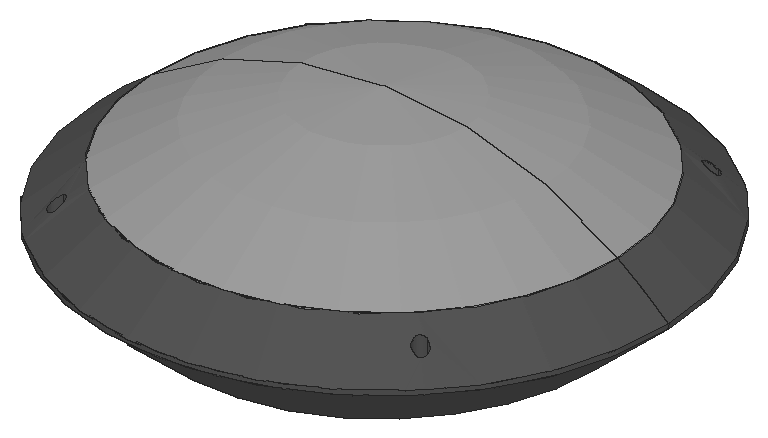
Revit family "0049002+0049033", category Lighting Fixtures, host Face, Revit 2017
Family settings
  Host = Face
  Round Connector Dimension = Use Diameter
  Part Type = Normal
  OmniClass Number = 23.80.70.00
  OmniClass Title = Lighting
  Cut with Voids When Loaded = No
  Light Source = Yes
  Shared = No
  Room Calculation Point = No
Parameters (values of type "0049002 Srt Surface IP66 1450lm 830 BK - 14.5 W")
  WidthCover_SYL = if([300mm_SYL], 27.5 mm, 31.3 mm)  # 31.3 mm
  WidthBottomSlope_SYL = if([300mm_SYL], 39.2 mm, 45.4 mm)  # 45.4 mm
  Weight = "10.0 kg"
  Wattage Comments = ""
  Wattage = 14.5 W
  WarrantyStartDate [instance] = "n/a"
  WarrantyGuarantorParts = "n/a"
  WarrantyDurationUnit = "n/a"
  WarrantyDurationParts = "n/a"
  WarrantyDescription = "n/a"
  built-in parameter 1150110 = 1 (stored number, unit not read)
  Voltage = 230 V
  URL = "http://www.sylvania-lighting.com"
  TypeName = "Start Surface IP66 1450lm 830 IK10 BLK - 14.5 W"
  Type Image = <None>
  Type Comments = "n/a"
  built-in parameter 1114217 = 1 (stored number, unit not read)
  Tilt Angle = -90.00°
  built-in parameter 1150109 = 1 (stored number, unit not read)
  built-in parameter 1150134 = (empty or 0)
  built-in parameter 1150113 = 1 (stored number, unit not read)
  SerialNumber [instance] = "n/a"
  RadiusTopOffset_SYL = RadiusFront_SYL - 2 mm  # 252 mm
  RadiusEyelid_SYL = 252.4 mm
  PowerFactor = 0
  PowerConsumption = "14.5 W"
  Photometric Web File = "0049002_15W.ies"
  NominalLength = 350 mm
  NominalHeight = 110 mm
  NominalDepth = 350 mm
  Name = "Start Surface IP66 1450lm 830 IK10 BLK - 14.5 W"
  ModelReference = Name  # "Start Surface IP66 1450lm 830 IK10 BLK - 14.5 W"
  ModelNumber = "0049002"
  Model = Name  # "Start Surface IP66 1450lm 830 IK10 BLK - 14.5 W"
  Material = "polycarbonate body, polycaarbonate housing"
  ManufacturerName = "Feilo Sylvania"
  Manufacturer = "Feilo Sylvania"
  LuminousEfficacy = "100 lm/W"
  built-in parameter 1150105 = 450.08 (stored number, unit not read)
  Lumens = 1450 lm
  LuminaireType = ""
  built-in parameter 1150115 = 1 (stored number, unit not read)
  LightOutputRatio = "n/a"
  built-in parameter 1150137 = (empty or 0)
  built-in parameter 1150139 = (empty or 0)
  LampsType = Lamp  # "LED"
  LampNominalLuminous = "1450 lm"
  LampMacAdamStep = "n/a"
  LampColourTemperature = "3000 K"
  LampColourRenderingIndex = "80"
  built-in parameter 1150112 = 1 (stored number, unit not read)
  built-in parameter 1150114 = 1 (stored number, unit not read)
  Lamp = "LED"
  Keynote = "16500"
  InstallationDate [instance] = "n/a"
  InputVoltage = "220-240 V AC"
  InputNominalFrequency = "50/60 Hz"
  built-in parameter 1150132 = (empty or 0)
  built-in parameter 1150102 = (empty or 0)
  built-in parameter 1150107 = 3000 (stored number, unit not read)
  built-in parameter 1150138 = (empty or 0)
  IngressProtection = "IP66"
  ImpactProtectionIndex = "IK10"
  built-in parameter 1150106 = 4.5008 (stored number, unit not read)
  IfcExportType = "IfcLightFixtureType"
  IfcExportAs = "IfcLightFixtureType"
  HoleRad_SYL = if([300mm_SYL], 134 mm, 158.3 mm)  # 158.3 mm
  HoleHoleRad_SYL = 4.7 mm
  HoleAngle_SYL = 45.00°
  Height_SYL = if([300mm_SYL], 95 mm, 113 mm)  # 113 mm
  HeightFrontSlope_SYL = if([300mm_SYL], 22 mm, 26 mm)  # 26 mm
  HeightBottomSlope_SYL = if([300mm_SYL], 30 mm, 38 mm)  # 38 mm
  RadiusFront_SYL = if([300mm_SYL], 216.5 mm, 254 mm)  # 254 mm
  Eyelid_SYL = no
  ExpectedLife = 50000
  Emit from Circle Diameter = Diameter_SYL - 2 * WidthCover_SYL  # 287.4 mm
  Emit Shape Visible in Rendering = no
  ElectricShockClassification = "Class II"
  built-in parameter 1150104 = 9.2903 (stored number, unit not read)
  DurationUnit = "hours"
  DocumentationLiterature = "http://www.sylvania-lighting.com/product/en-int/products/0049002"
  DimmingControlOptions = "Non dimmable"
  Material_2_SYL = LED-Sylvania-StartSurfaceIP66
  Dimming Lamp Color Temperature Shift = <None>
  Diameter_SYL = if([300mm_SYL], 300 mm, 350 mm)  # 350 mm
  Description = "LED exterior surface mounted luminaire, 350mm diameter, 1450lm as max. lumen output, can be adjusted down to 700lm by internal switch, 15W power consumption, 97lm/W efficacy, 3000K color temperature, CRI80, non-dimmable, IP66, IK10, 50,000 hours (L70), black housing, vandal resistant"
  Default Elevation = 1219.2 mm
  CreatedOn = "7/9/2019"
  CreatedBy = "@sylvania-lighting.com"
  Cost = 0
  Color Filter = 16777215
  built-in parameter 1114216 [instance] = (empty or 0)
  ClassificationValue = "EF_70_80"
  ClassificationName = "Uniclass2015"
  Material_1_SYL = Body-Sylvania-StartSurfaceIP66-Black
  BarCode [instance] = "n/a"
  built-in parameter 1114218 = 1 (stored number, unit not read)
  built-in parameter 1150133 = 10 (stored number, unit not read)
  AssetType = "Fixed"
  AssetIdentifier [instance] = "n/a"
  Assembly Code = "D5020200"
  Apparent Load = 14.5 VA
  Material_3_SYL = none
  300mm_SYL = no
Types (3, lengths in mm): name | Wattage | TypeName | PowerConsumption | Photometric Web File | Name | ModelReference | Model | LuminousEfficacy | built-in parameter 1150105 | Lumens | LampNominalLuminous | built-in parameter 1150106 | Eyelid_SYL | built-in parameter 1150104 | Apparent Load
  0049002 Srt Surface IP66 1450lm 830 BK - 14.5 W | 14.5 W | "Start Surface IP66 1450lm 830 IK10 BLK - 14.5 W" | "14.5 W" | "0049002_15W.ies" | "Start Surface IP66 1450lm 830 IK10 BLK - 14.5 W" | "Start Surface IP66 1450lm 830 IK10 BLK - 14.5 W" | "Start Surface IP66 1450lm 830 IK10 BLK - 14.5 W" | "100 lm/W" | 450.08 (stored number, unit not read) | 1450 lm | "1450 lm" | 4.5008 (stored number, unit not read) | no | 9.2903 (stored number, unit not read) | 14.5 VA
  0049002 Srt Surface IP66 1450lm 830 BK - 6.5 W | 6.5 W | "Start Surface IP66 1450lm 830 IK10 BLK - 6.5 W" | "6.5 W" | "0049002_7W.ies" | "Start Surface IP66 1450lm 830 IK10 BLK - 6.5 W" | "Start Surface IP66 1450lm 830 IK10 BLK - 6.5 W" | "Start Surface IP66 1450lm 830 IK10 BLK - 6.5 W" | "107.6 lm/W" | 226.75 (stored number, unit not read) | 700 lm | "700 lm" | 2.2675 (stored number, unit not read) | no | 10.005 (stored number, unit not read) | 6.5 VA
  0049002+0049033 Srt Surface IP66 1450lm 830 BK - 14.5 W + Eyelid | 14.5 W | "Start Surface IP66 1450lm 830 IK10 BLK - 14.5 W" | "14.5 W" | "0049002+0049033.ies" | "Start Surface IP66 1450lm 830 IK10 BLK - 14.5 W" | "Start Surface IP66 1450lm 830 IK10 BLK - 14.5 W" | "Start Surface IP66 1450lm 830 IK10 BLK - 14.5 W" | "100 lm/W" | 450.08 (stored number, unit not read) | 1450 lm | "1450 lm" | 4.5008 (stored number, unit not read) | yes | 9.2903 (stored number, unit not read) | 14.5 VA
Reference planes
  plane 1 "Center (Front/Back)": y = 0
  plane 2: z = 0
  plane 3 "Center (Left/Right)": x = 0
  plane 4: x = 175
  plane 5: x = -175
  plane 6: z = 38
  plane 7: x = -129.6
  plane 8: x = 129.6
  plane 9: x = -143.7
  plane 10: z = 41
  plane 11: y = -13
  plane 12: z = 67
  plane 13: z = 113
  plane 14: z = 42.5
  plane 15: x = 3.3
  plane 16: x = -3.3
  plane 17: y = 3.25
  plane 18: y = -3.35
  plane 19: y = 44.25
  plane 20: y = -44.35
  plane 21: y = 50.75
  plane 22: y = -50.85
  plane 23: y = -91.85
  plane 24: y = 91.75
  plane 25: y = 97.75
  plane 26: y = -97.85
Forms (mm)
  Revolve 1, solid, material "Body-Sylvania-StartSurfaceIP66-Black" <- "Material_1_SYL"
    sketch origin (0, 0, 0) x (1, 0, 0) y (0, 0, 1)
      loop
        line (0, 0) -> (0, 41) -> (-143.7, 41) -> (-143.7, 66.348)
        arc (-143.7, 66.348) -> (-159.853, 54.295) -> (-175, 41) r 254
        line (-175, 41) -> (-175, 38) -> (-129.6, 0) -> (0, 0)
      axis (0, 66.348) -> (0, 0)
    angle from 360 to 0
  Extrusion 2, void
    sketch origin (-1524.635, -4572, 41) x (0, -1, 0) y (-1, 0, 0)
      loop
        line (-4367.393, -1349.635) -> (-4559, -1349.635)
        arc (-4559, -1349.635) -> (-4576.647, -1524.635) -> (-4559, -1699.635) r 876.532
        line (-4559, -1699.635) -> (-4367.393, -1699.635) -> (-4367.393, -1349.635)
    from -85.687 to 41
  Extrusion 3, void
    sketch origin (-1534.635, -4572, 67) x (0, -1, 0) y (-1, 0, 0)
      loop
        circle (-4683.935, -1422.7) r 4.7
      loop
        circle (-4683.935, -1646.57) r 4.7
      loop
        circle (-4460.065, -1646.57) r 4.7
      loop
        circle (-4460.065, -1422.7) r 4.7
    from 0.652 to 29
  Revolve 4, solid, material "LED-Sylvania-StartSurfaceIP66" <- "Material_2_SYL"
    sketch origin (0, 0, 0) x (1, 0, 0) y (0, 0, 1)
      loop
        line (-143.7, 66.348) -> (-143.7, 63.918)
        arc (-143.7, 63.918) -> (-75.289, 97.395) -> (0, 108.905) r 252
        line (0, 108.905) -> (0, 110.905)
        arc (0, 110.905) -> (-75.225, 99.51) -> (-143.7, 66.348) r 254
      axis (0, 110.905) -> (0, 63.918)
    angle from 360 to 0
  Revolve 5, solid, material "Body-Sylvania-StartSurfaceIP66-Black" <- "Material_1_SYL", visible <- "Eyelid_SYL"
    sketch origin (0, 0, 0) x (1, 0, 0) y (0, 0, 1)
      loop
        line (-175, 42.5) -> (-175, 41)
        arc (-175, 41) -> (-94.223, 92.782) -> (0, 110.905) r 254
        line (0, 110.905) -> (0, 113.019)
        arc (0, 113.019) -> (-94.337, 94.726) -> (-175, 42.5) r 252.4
      axis (0, 113.019) -> (0, 41)
    angle from 360 to 0
Cuts and joins
  Extrusion 3 cuts Revolve 1
  Extrusion 2, Extrusion 3 cuts Revolve 5
Lines and regions (mm)
  reference lines
    curve 1: circle (0, 0, 0) r 158.3 normal (0, 0, 1)
    curve 2: line (0, 0, 0) -> (-111.935, 111.935, 0)
    curve 3: line (0, 0, 0) -> (111.935, 111.935, 0)
    curve 4: line (0, 0, 0) -> (-111.935, -111.935, 0)
    curve 5: line (0, 0, 0) -> (111.935, -111.935, 0)
    curve 6: arc (-175, 0, 41) -> (-61.42, 0, 103.367) -> (68.144, 0, 101.593) r 254
    curve 7: circle (0, 0, 41) r 158.3 normal (0, 0, 1)
    curve 8: line (111.935, -108.883, 41) -> (111.935, -111.935, 41)
    curve 9: circle (111.935, -111.935, 41) r 4.7 normal (0, 0, 1)
    curve 10: line (111.935, 111.935, 41) -> (111.935, 116.935, 41)
    curve 11: line (-111.935, 111.935, 41) -> (-111.935, 116.935, 41)
    curve 12: line (-111.935, -111.935, 41) -> (-111.935, -116.935, 41)
    curve 13: circle (-111.935, 111.935, 41) r 4.7 normal (0, 0, 1)
    curve 14: circle (111.935, 111.935, 41) r 4.7 normal (0, 0, 1)
    curve 15: circle (-111.935, -111.935, 41) r 4.7 normal (0, 0, 1)
    curve 16: arc (129.6, 0, 73.025) -> (-8.393, 0, 108.765) -> (-143.7, 0, 63.918) r 252
    curve 17: arc (-175, 0, 42.5) -> (0, 0, 113.019) -> (175, 0, 42.5) r 252.4
    curve 18: circle (0, 0, 67) r 145.5 normal (0, 0, 1)
Dimensions and locks
  equal spacing: plane 4, plane 3 "Center (Left/Right)", plane 5
  "Diameter_SYL": plane 4 to plane 5
  equal spacing: plane 8, plane 3 "Center (Left/Right)", plane 7
  "WidthBottomSlope_SYL": plane 7 to plane 5
  locked: plane 10 to plane 6 at 3
  locked: plane 11 to plane 1 "Center (Front/Back)" at 13
  "WidthCover_SYL": plane 9 to plane 5
  locked: plane 1 "Center (Front/Back)" to host face at 300
  "HeightBottomSlope_SYL": plane 6 to plane 2
  "HeightFrontSlope_SYL": plane 12 to plane 10
  "Height_SYL": plane 13 to plane 2
  locked: plane 14 to plane 10 at 1.5
  plane 26 to plane 23 to plane 22 to plane 20 to plane 18 to plane 17 to plane 19 to plane 21 to plane 24 to plane 25 = 6 mm locked, 41 mm locked, 6.5 mm locked, 41 mm locked, 6.6 mm locked, 41 mm locked, 6.5 mm locked, 41 mm locked, 6 mm locked
  locked: plane 1 "Center (Front/Back)" to plane 17 at 3.25
  "HoleRad_SYL": radius of curve 1
  "RadiusFront_SYL": radius of curve 6
  "HoleRad_SYL": radius of curve 7
  "HoleHoleRad_SYL": radius of curve 9
  "HoleHoleRad_SYL": radius of curve 13
  "HoleHoleRad_SYL": radius of curve 14
  "HoleHoleRad_SYL": radius of curve 15
  "RadiusTopOffset_SYL": radius of curve 16
  "RadiusEyelid_SYL": radius of curve 17
  radius of curve 18 = 145.5 mm
  "HoleAngle_SYL": angle curve 2 to plane 1 "Center (Front/Back)"
  "HoleAngle_SYL": angle plane 1 "Center (Front/Back)" to curve 3
  "HoleAngle_SYL": angle plane 1 "Center (Front/Back)" to curve 4
  "HoleAngle_SYL": angle curve 5 to plane 1 "Center (Front/Back)"
  aligned and locked: plane 2 to host face
  aligned and locked: level to host face
  aligned and locked: Revolve 1 sketch curve to plane 3 "Center (Left/Right)"  (x2)
  aligned and locked: level to Revolve 1 sketch curve
  aligned and locked: plane 5 to Revolve 1 sketch curve
  aligned and locked: Revolve 1 sketch curve to plane 10
  aligned and locked: plane 4 to Extrusion 2
  aligned and locked: Extrusion 2 to plane 5
  aligned and locked: plane 3 "Center (Left/Right)" to curve 6
  aligned and locked: Extrusion 2 to level
  aligned and locked: plane 10 to curve 6
  aligned and locked: Revolve 1 sketch curve to curve 6
  aligned and locked: plane 3 "Center (Left/Right)" to curve 7
  aligned and locked: plane 1 "Center (Front/Back)" to curve 7
  aligned and locked: plane 3 "Center (Left/Right)" to curve 5
  aligned and locked: curve 8 to curve 5
  aligned and locked: curve 5 to curve 9
  aligned and locked: curve 8 to curve 9
  aligned and locked: curve 3 to curve 10
  aligned and locked: curve 2 to curve 11
  aligned and locked: curve 4 to curve 12
  aligned and locked: curve 2 to curve 13
  aligned and locked: curve 13 to curve 11
  aligned and locked: curve 4 to curve 15
  aligned and locked: curve 15 to curve 12
  aligned and locked: curve 3 to curve 14
  aligned and locked: curve 14 to curve 10
  aligned and locked: Extrusion 3 sketch curve to curve 13
  aligned and locked: Extrusion 3 sketch curve to curve 14
  aligned and locked: Extrusion 3 sketch curve to curve 9
  aligned and locked: Extrusion 3 sketch curve to curve 15
  aligned and locked: Revolve 1 to Extrusion 3
  aligned and locked: Extrusion 3 to plane 6
  aligned and locked: Revolve 4 sketch curve to plane 3 "Center (Left/Right)"  (x2)
  aligned and locked: plane 9 to curve 16
  aligned and locked: plane 8 to curve 16
  aligned and locked: plane 3 "Center (Left/Right)" to curve 16
  aligned and locked: Revolve 4 sketch curve to curve 6
  aligned and locked: Revolve 4 sketch curve to curve 16
  aligned and locked: Revolve 4 sketch curve to plane 9
  aligned and locked: Extrusion 2 to plane 2
  aligned and locked: plane 4 to curve 17
  aligned and locked: plane 14 to curve 17  (x2)
  aligned and locked: plane 5 to curve 17
  aligned and locked: Revolve 5 sketch curve to curve 17
  aligned and locked: Revolve 5 sketch curve to plane 3 "Center (Left/Right)"  (x2)
  aligned and locked: Revolve 5 sketch curve to plane 5
  aligned and locked: Revolve 5 sketch curve to curve 6
  aligned and locked: plane 13 to imposter light
  aligned and locked: plane 15 to imposter light
  aligned and locked: imposter light to plane 1 "Center (Front/Back)"
Automatic sketch dimensions
  host sketch curve to host sketch curve = 600 mm  (x2)
  plane 1 "Center (Front/Back)" to curve 1 = 0 mm
  curve 1 to plane 3 "Center (Left/Right)" = 0 mm
  plane 1 "Center (Front/Back)" to curve 3 = 0 mm
  plane 5 to Extrusion 2 sketch curve = 0 mm
  plane 4 to Extrusion 2 sketch curve = 0 mm
  plane 11 to Extrusion 2 sketch curve = 191.607 mm
  Extrusion 2 sketch curve to Extrusion 2 sketch curve = 667.277 mm
  plane 11 to Extrusion 2 sketch curve = 0 mm  (x2)
  Revolve 1 sketch curve to plane 7 = 0 mm
  Revolve 1 sketch curve to plane 6 = 0 mm
  Revolve 1 sketch curve to Revolve 1 sketch curve = 486.484 mm
  Revolve 1 sketch curve to plane 9 = 0 mm
  Revolve 1 sketch curve to Revolve 1 sketch curve = 2555.164 mm
  curve 10 to curve 10 = 5 mm
  curve 11 to curve 11 = 5 mm
  curve 8 to curve 8 = 3.052 mm
  curve 15 to curve 12 = 5 mm
  Revolve 4 sketch curve to level = 629.579 mm
  Revolve 4 sketch curve to Revolve 4 sketch curve = 2515.674 mm
  curve 6 to curve 16 = 0 mm
  curve 6 to plane 5 = 0 mm
  curve 6 to plane 13 = 11.407 mm
  Revolve 5 sketch curve to Revolve 5 sketch curve = 466.505 mm
  Revolve 5 sketch curve to Revolve 5 sketch curve = 2496.039 mm
  plane 1 "Center (Front/Back)" to curve 18 = 0 mm
  curve 18 to plane 3 "Center (Left/Right)" = 0 mm
Connectors
  electrical at (0, 0, 0), driven by "Apparent Load", driven by "PowerFactor", driven by "Voltage"
    settings: index 1, voltage 230 V, apparent load 14.5 VA, apparent load phase1 0 VA, apparent load phase2 0 VA, apparent load phase3 0 VA, power factor 0, load classification "Lighting", number of poles 1, system type 30, power factor state 1, is connector primary yes, connector utility no, sub classification motor no, connector description ""
